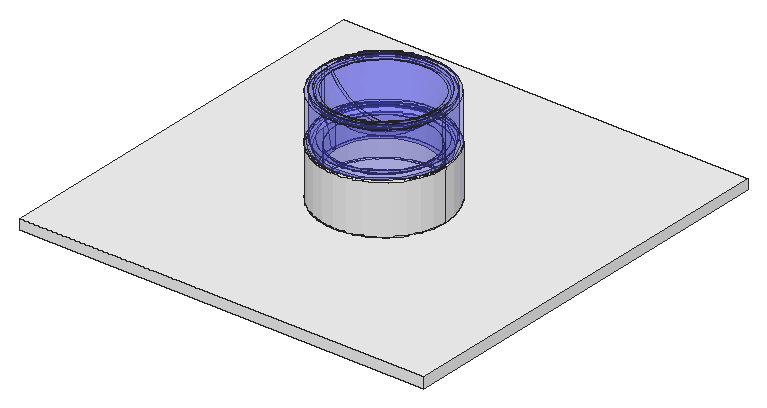
Revit family "BE_23966.1_de_DE", category Leuchten, Revit 2015
Parameters (values of type "BEGA_23966.1_K4")
  built-in parameter 1150104 = 12.758 (stored number, unit not read)
  Wattage = 7.5 W
  Default Elevation = 0 mm
  built-in parameter 1150113 = 1 (stored number, unit not read)
  built-in parameter 1114218 = 1 (stored number, unit not read)
  Umgebungstemperatur = ""
  URL = "http://www.bega.de/produkt/23966.1"
  Typenkommentare = "© 2017 BEGA. Wir behalten uns das Recht vor, technische Änderungen ohne vorherige Ankündigung vorzunehmen."  # constant formula
  built-in parameter 1150134 = 12
  built-in parameter 1150109 = 1 (stored number, unit not read)
  Strom = ""
  built-in parameter 1150110 = 1 (stored number, unit not read)
  Spannung = 239.996 V
  Sonderanfertigung = no
  Seriennummer [instance] = "Hier können Sie die eindeutige Seriennummer für das Facility Management eintragen."
  Schutzklasse = "I"
  Schutzart = "IP 20"
  Scheinlast = 0 VA
  Produktdatenblatt = "http://www.bega.de/download/Xrfa/db/23966.1.db.de.pdf"
  Oberflächentemperatur = ""
  Neigungswinkel = 0.00°
  Modell = "23966.1K4"
  Material_17 = BEGA_Reflektor
  Material_15 = BEGA_Leuchtmedium_matt
  Material_11 = BEGA_Glas_opal
  Material_09 = BEGA_Glas_klar
  Material_06 = BEGA_Oberfläche_Edelstahl_gebürstet
  Material_05 = BEGA_Oberfläche_Aluminium Guss
  Material_03 = BEGA_Oberfläche_Weiss_matt
  Material_02 = BEGA_Oberfläche_Silber_matt
  Material_01 [instance] = BEGA_Oberfläche_Grafit_matt
  M_W = no
  M_G = no
  M_A = no
  Logo = 0
  built-in parameter 1114217 = 1 (stored number, unit not read)
  built-in parameter 1150139 = (empty or 0)
  built-in parameter 1150105 = 81.963 (stored number, unit not read)
  built-in parameter 1150114 = 1 (stored number, unit not read)
  Lumens = 1029.98 lm
  built-in parameter 1150115 = 1 (stored number, unit not read)
  Leuchtenlichtstrom = "581 lm"
  Leuchtenanzahl = ""
  Lebensdauerkriterien = "L70 = 50.000 h"
  Lastklassifizierung = Beleuchtung
  built-in parameter 1150112 = 1 (stored number, unit not read)
  Lampenlichtstrom = "1030 lm"
  Lampe = "LED 7.5 W"
  LED_Modulbezeichnung = "LED-0505/840"
  built-in parameter 1150142 = "IESNA:LM-63-1995\r\n[TEST] \r\n[MANUFAC] GLASHÜTTE LIMBURG\r\n[MORE] Converted by LUMCat V \r\n[MORE] 21.10.2016 / M.S.\r\n[LUMCAT] \r\n[LUMINAIRE] 23966K4\r\n[LAMPCAT] LED  6,2W\r\n[LAMPCAT] LED  6,2W     581 lm,    8 W\r\n[LAMP] LED  6,2W\r\nTILT=NONE\r\n1     581 1.0 73 1 1 2 -0.123 0.000 0.048\r\n1.0 1.0 8\r\n   0.0   2.5   5.0   7.5  10.0  12.5  15.0  17.5  20.0  22.5  25.0  27.5  30.0\r\n  32.5  35.0  37.5  40.0  42.5  45.0  47.5  50.0  52.5  55.0  57.5  60.0  62.5\r\n  65.0  67.5  70.0  72.5  75.0  77.5  80.0  82.5  85.0  87.5  90.0  92.5  95.0\r\n  97.5 100.0 102.5 105.0 107.5 110.0 112.5 115.0 117.5 120.0 122.5 125.0 127.5\r\n 130.0 132.5 135.0 137.5 140.0 142.5 145.0 147.5 150.0 152.5 155.0 157.5 160.0\r\n 162.5 165.0 167.5 170.0 172.5 175.0 177.5 180.0\r\n   0.0\r\n     101.1     101.4     102.1     102.8     103.2     103.5     103.6     103.6\r\n     103.2     102.7     102.0     101.1     100.0      98.6      97.1      95.3\r\n      93.3      91.1      88.7      86.1      83.1      79.7      75.7      71.2\r\n      66.3      61.5      57.2      53.5      50.5      47.9      45.5      43.3\r\n      41.1      38.9      36.7      34.6      33.3      33.1      32.9      32.7\r\n      32.4      32.0      31.5      31.0      30.3      29.7      28.9      28.1\r\n      27.2      26.2      25.1      24.0      22.8      21.6      20.4      19.1\r\n      17.8      16.5      15.2      14.0      12.7      11.5      10.3       9.1\r\n       8.0       6.9       5.7       4.7       3.6       2.5       0.6       0.0\r\n       0.0\r\n"
  Hersteller = "BEGA"  # constant formula
  Halbstreuwinkel = ""
  Gewicht = "0.75 kg"
  Gebrauchslageneinschränkung [instance] = ""
  Frequenz = "0/50-60 Hz"
  Farbwiedergabeindex = "Ra > 80"
  Farbtemperaturverschiebung bei Dämpfen der Lampe = <Keine Auswahl>
  Farbtemperatur = "4000 K"
  Color Filter = 16777215
  built-in parameter 1150133 = 10 (stored number, unit not read)
  Energieeffizienzklasse = "LED A++ - A"
  built-in parameter 1150137 = (empty or 0)
  built-in parameter 1150132 = (empty or 0)
  ENEC = ""
  Dimmbar [instance] = ""
  Datei für fotometrisches Netz = "LI_23966K4.IES"
  CE_Konformität = "ja"
  Bestellnummer = "23966.1K4"
  Beschreibung_Sonderanfertigung = "Hier können Sie Informationen zur Sonderanfertigung eintragen."
  Beschreibung = "Deckenleuchte"
  built-in parameter 1150106 = 0.81963 (stored number, unit not read)
  Befestigungsbohrung = "Ø 4,5 mm"
  Befestigungsabstand = "93 mm"
  Ballwurfsicher = ""
  BEGA_Intern_aus = yes
  BEGA_Intern_an = yes
  BEGA_Intern_Konstruktion = yes
  BEGA_Intern = yes
  BEGA_IES = yes
  BEGA_Dummy = no
  Anschlussleitung = ""
  Anschlussleistung [instance] = "9 W"
  Anschlusskasten = ""
  built-in parameter 1150107 = 4000 (stored number, unit not read)
  built-in parameter 1150102 = (empty or 0)
  built-in parameter 1150138 = (empty or 0)
  Aktualisierung = "2017-05-23T04:08:12"
  Abstand_zur_angestrahlten_Fläche [instance] = ""
  AC/DC = "AC/DC"
Types (2, lengths in mm): name | built-in parameter 1150104 | built-in parameter 1150134 | Modell | built-in parameter 1150105 | Lumens | Leuchtenlichtstrom | Lampenlichtstrom | LED_Modulbezeichnung | built-in parameter 1150142 | Farbtemperatur | Datei für fotometrisches Netz | Bestellnummer | built-in parameter 1150106 | built-in parameter 1150107
  BEGA_23966.1_K3 | 12.387 (stored number, unit not read) | (empty or 0) | "23966.1" | 79.575 (stored number, unit not read) | 999.975 lm | "565 lm" | "1000 lm" | "LED-0505/830" | "IESNA:LM-63-1995\r\n[TEST] \r\n[MANUFAC] GLASHÜTTE LIMBURG\r\n[MORE] Converted by LUMCat V \r\n[MORE] 21.10.2016 / M.S.\r\n[LUMCAT] \r\n[LUMINAIRE] 23966\r\n[LAMPCAT] LED  6,2W\r\n[LAMPCAT] LED  6,2W     565 lm,    8 W\r\n[LAMP] LED  6,2W\r\nTILT=NONE\r\n1     565 1.0 73 1 1 2 -0.123 0.000 0.048\r\n1.0 1.0 8\r\n   0.0   2.5   5.0   7.5  10.0  12.5  15.0  17.5  20.0  22.5  25.0  27.5  30.0\r\n  32.5  35.0  37.5  40.0  42.5  45.0  47.5  50.0  52.5  55.0  57.5  60.0  62.5\r\n  65.0  67.5  70.0  72.5  75.0  77.5  80.0  82.5  85.0  87.5  90.0  92.5  95.0\r\n  97.5 100.0 102.5 105.0 107.5 110.0 112.5 115.0 117.5 120.0 122.5 125.0 127.5\r\n 130.0 132.5 135.0 137.5 140.0 142.5 145.0 147.5 150.0 152.5 155.0 157.5 160.0\r\n 162.5 165.0 167.5 170.0 172.5 175.0 177.5 180.0\r\n   0.0\r\n      98.3      98.6      99.3     100.0     100.4     100.7     100.8     100.7\r\n     100.4      99.9      99.2      98.3      97.2      95.9      94.4      92.7\r\n      90.7      88.6      86.3      83.7      80.8      77.5      73.6      69.2\r\n      64.5      59.8      55.6      52.0      49.1      46.6      44.3      42.1\r\n      40.0      37.8      35.7      33.7      32.3      32.2      32.0      31.8\r\n      31.5      31.1      30.6      30.1      29.5      28.8      28.1      27.3\r\n      26.4      25.5      24.4      23.4      22.2      21.0      19.8      18.6\r\n      17.3      16.1      14.8      13.6      12.3      11.2      10.0       8.9\r\n       7.8       6.7       5.6       4.5       3.5       2.4       0.6       0.0\r\n       0.0\r\n" | "3000 K" | "LI_23966.IES" | "23966.1" | 0.79575 (stored number, unit not read) | 3000 (stored number, unit not read)
  BEGA_23966.1_K4 | 12.758 (stored number, unit not read) | 12 | "23966.1K4" | 81.963 (stored number, unit not read) | 1029.98 lm | "581 lm" | "1030 lm" | "LED-0505/840" | "IESNA:LM-63-1995\r\n[TEST] \r\n[MANUFAC] GLASHÜTTE LIMBURG\r\n[MORE] Converted by LUMCat V \r\n[MORE] 21.10.2016 / M.S.\r\n[LUMCAT] \r\n[LUMINAIRE] 23966K4\r\n[LAMPCAT] LED  6,2W\r\n[LAMPCAT] LED  6,2W     581 lm,    8 W\r\n[LAMP] LED  6,2W\r\nTILT=NONE\r\n1     581 1.0 73 1 1 2 -0.123 0.000 0.048\r\n1.0 1.0 8\r\n   0.0   2.5   5.0   7.5  10.0  12.5  15.0  17.5  20.0  22.5  25.0  27.5  30.0\r\n  32.5  35.0  37.5  40.0  42.5  45.0  47.5  50.0  52.5  55.0  57.5  60.0  62.5\r\n  65.0  67.5  70.0  72.5  75.0  77.5  80.0  82.5  85.0  87.5  90.0  92.5  95.0\r\n  97.5 100.0 102.5 105.0 107.5 110.0 112.5 115.0 117.5 120.0 122.5 125.0 127.5\r\n 130.0 132.5 135.0 137.5 140.0 142.5 145.0 147.5 150.0 152.5 155.0 157.5 160.0\r\n 162.5 165.0 167.5 170.0 172.5 175.0 177.5 180.0\r\n   0.0\r\n     101.1     101.4     102.1     102.8     103.2     103.5     103.6     103.6\r\n     103.2     102.7     102.0     101.1     100.0      98.6      97.1      95.3\r\n      93.3      91.1      88.7      86.1      83.1      79.7      75.7      71.2\r\n      66.3      61.5      57.2      53.5      50.5      47.9      45.5      43.3\r\n      41.1      38.9      36.7      34.6      33.3      33.1      32.9      32.7\r\n      32.4      32.0      31.5      31.0      30.3      29.7      28.9      28.1\r\n      27.2      26.2      25.1      24.0      22.8      21.6      20.4      19.1\r\n      17.8      16.5      15.2      14.0      12.7      11.5      10.3       9.1\r\n       8.0       6.9       5.7       4.7       3.6       2.5       0.6       0.0\r\n       0.0\r\n" | "4000 K" | "LI_23966K4.IES" | "23966.1K4" | 0.81963 (stored number, unit not read) | 4000 (stored number, unit not read)
Reference planes
  plane 1 "Mitte (Vorne/Hinten)": y = 0
  plane 2: z = 0
  plane 3 "Mitte (Links/Rechts)": x = 0
  plane 4 "Links": x = -61.5
  plane 5 "Rechts": x = 61.5
  plane 6 "Unten": y = -61.5
  plane 7 "Oben": y = 61.5
  plane 8 "Vorne": z = 98
  plane 9 "Hinten": z = 0
Forms (mm)
  Extrusion 1, solid, material "BEGA_Platte_Weiss"
    sketch origin (0, -1119.2, 0) x (1, 0, 0) y (0, 1, 0)
      loop
        line (-200, 1319.2) -> (-200, 919.2) -> (200, 919.2) -> (200, 1319.2) -> (-200, 1319.2)
    from 0 to -10
  Extrusion 2, solid, material "BEGA_Dummy_matt", visible <- "BEGA_Dummy"
    sketch origin (77.149, -76.023, 0) x (1, 0, 0) y (0, 1, 0)
      loop
        circle (-77.149, 76.023) r 61.5
    from 0 to 98
Dimensions and locks
  plane 1 "Mitte (Vorne/Hinten)" to Extrusion 1 = 200 mm
  aligned and locked: plane 2 to Extrusion 1
  aligned and locked: level to Extrusion 1
Nested families
  nested 1: "BE_23966.1" at (0, 0, 0), type "BE_23966.1"
Connectors
  electrical at (0, 0, 0), driven by "Lastklassifizierung", driven by "Spannung", driven by "Scheinlast"
    settings: index 1, voltage 239.996 V, apparent load 0 VA, apparent load phase1 0 VA, apparent load phase2 0 VA, apparent load phase3 0 VA, power factor 1, load classification "Beleuchtung", number of poles 1, system type 31, power factor state 1, is connector primary yes, connector utility no, sub classification motor no, connector description ""
Definition of nested family "BE_23966.1"
  Parameters (values of type "BE_23966.1")
    Default Elevation = 1 mm
    URL = "http://www.bega.de/de/produkt"
    Type Comments = "© 2015 BEGA. Wir behalten uns das Recht vor, technische Änderungen ohne vorherige Ankündigung vorzunehmen. "  # constant formula
    Type Image = (empty or 0)
    Neigungswinkel_um_Z2 = 0.00°
    Neigungswinkel_um_Z1 = 0.00°
    Neigungswinkel_um_Y2 = 0.00°
    Neigungswinkel_um_Y1 = 0.00°
    Neigungswinkel_um_X2 = 0.00°
    Neigungswinkel_um_X1 = 0.00°
    Material_17 = none
    Material_15 = none
    Material_11 = none
    Material_09 = none
    Material_06 = none
    Material_05 = none
    Material_03 = none
    Material_02 = none
    Material_01 = none
    M_W = yes
    M_G = yes
    M_A = yes
    Länge_Platte = 200 mm  # constant formula
    Höhe_Platte = -10 mm  # constant formula
    Manufacturer = "BEGA"  # constant formula
    Drehwinkel_um_Z2 = 0.00°
    Drehwinkel_um_Z1 = 0.00°
    Breite_Platte = 200 mm  # constant formula
  Reference planes
    plane 1 "Mitte (Oben/Unten)": y = 0
    plane 2: z = 0
    plane 3 "Mitte (Links/Rechts)": x = 0
    plane 4: z = 98
    plane 5: x = -61.5
    plane 6: x = 61.5
    plane 7: y = 61.5
    plane 8: y = -61.5
  Forms (mm)
    Extrusion 1, solid, detail levels medium
      sketch origin (0, 0, 0) x (1, 0, 0) y (0, 1, 0)
        loop
          line (-100, 100) -> (-100, -100) -> (100, -100) -> (100, 100) -> (-100, 100)
      from 0 to -10 <- "Höhe_Platte"
    Extrusion 2, void
      sketch origin (0, 0, 0) x (1, 0, 0) y (0, 1, 0)
        loop
          circle (-46.5, 0) r 2.25
        loop
          circle (46.5, 0) r 2.25
        loop
          circle (33.845, 26.448) r 8.5
        loop
          circle (19.328, 38.606) r 8.5
      from 0 to 10
    Revolve 3, solid, material <- "Material_03", detail levels medium+fine
      sketch origin (0, 0, 0) x (1, 0, 0) y (0, 0, 1)
        loop
          arc (-59.45, 49.647) -> (-60.757, 49.91) -> (-61.5, 48.803) r 1.2
          line (-61.5, 48.803) -> (-61.5, 0.5)
          arc (-61.5, 0.5) -> (-61.352, 0.145) -> (-60.997, 0) r 0.5
          line (-60.997, 0) -> (-57.048, 0)
          arc (-57.048, 0) -> (-54.677, 0.778) -> (-53.229, 2.811) r 4
          arc (-53.229, 2.811) -> (-52.825, 3.304) -> (-52.234, 3.5) r 1
          line (-52.234, 3.5) -> (0, 3.5) -> (0, 6.5) -> (-52.231, 6.5)
          arc (-52.231, 6.5) -> (-54.383, 5.872) -> (-55.859, 4.185) r 4
          line (-55.859, 4.185) -> (-56.411, 3) -> (-60.5, 3) -> (-60.5, 49.283) -> (-56.623, 45.406) -> (-55.916, 46.113) -> (-59.45, 49.647)
        axis (0, 0) -> (0, 49.647)
      angle from 0 to 360
    Revolve 4, solid, material <- "Material_11", detail levels medium+fine
      sketch origin (0, 0, 0) x (1, 0, 0) y (0, 0, 1)
        loop
          line (-61.5, 50.281) -> (-56.145, 50) -> (-51.5, 26.5) -> (-47, 26.5) -> (-47, 47.832)
          arc (-47, 47.832) -> (-48.648, 51.963) -> (-52.686, 53.824) r 6
          line (-52.686, 53.824) -> (-57.55, 54.079)
          arc (-57.55, 54.079) -> (-58.225, 54.389) -> (-58.5, 55.078) r 1
          line (-58.5, 55.078) -> (-58.5, 94.5)
          arc (-58.5, 94.5) -> (-58.354, 94.854) -> (-58, 95) r 0.5
          line (-58, 95) -> (-54.427, 95)
          arc (-54.427, 95) -> (-53.437, 94.738) -> (-52.706, 94.02) r 2
          arc (-52.706, 94.02) -> (-30.328, 72.031) -> (0, 64) r 61.278
          line (0, 64) -> (0, 67)
          arc (0, 67) -> (-28.73, 74.574) -> (-49.993, 95.327) r 58.278
          arc (-49.993, 95.327) -> (-51.999, 97.285) -> (-54.711, 98) r 5.5
          line (-54.711, 98) -> (-58.5, 98)
          arc (-58.5, 98) -> (-60.621, 97.121) -> (-61.5, 95) r 3
          line (-61.5, 95) -> (-61.5, 50.281)
        axis (0, 26.5) -> (0, 98)
      angle from 0 to 360
  Cuts and joins
    Extrusion 2 cuts Revolve 3
  Dimensions and locks
    equal spacing: Extrusion 1 sketch curve, plane 3 "Mitte (Links/Rechts)", Extrusion 1 sketch curve
    equal spacing: Extrusion 1 sketch curve, plane 1 "Mitte (Oben/Unten)", Extrusion 1 sketch curve
    "Länge_Platte": Extrusion 1 sketch curve to Extrusion 1 sketch curve
    "Breite_Platte": Extrusion 1 sketch curve to Extrusion 1 sketch curve
    aligned and locked: Extrusion 1 to plane 2
    aligned and locked: level to Extrusion 1
  Automatic sketch dimensions
    Revolve 3 sketch curve to Revolve 3 sketch curve = 0 mm  (x3)
    Revolve 3 sketch curve to plane 3 "Mitte (Links/Rechts)" = 0 mm  (x2)
    level to Revolve 3 sketch curve = 2.5 mm
    Revolve 3 sketch curve to plane 3 "Mitte (Links/Rechts)" = 52.231 mm
    Revolve 3 sketch curve to Revolve 3 sketch curve = 0.003 mm  (x3)
    level to Revolve 3 sketch curve = 4.185 mm
    Revolve 3 sketch curve to Revolve 3 sketch curve = 3.624 mm
    Revolve 3 sketch curve to Revolve 3 sketch curve = 3.685 mm
    Revolve 3 sketch curve to Revolve 3 sketch curve = 0.552 mm
    Revolve 3 sketch curve to Revolve 3 sketch curve = 0.707 mm  (x2)
    Revolve 3 sketch curve to Revolve 3 sketch curve = 0.637 mm
    Revolve 3 sketch curve to Revolve 3 sketch curve = 3.534 mm
    Revolve 3 sketch curve to Revolve 3 sketch curve = 0.85 mm
    Revolve 3 sketch curve to Revolve 3 sketch curve = 0.2 mm
    level to Revolve 3 sketch curve = 0 mm
    Revolve 3 sketch curve to Revolve 3 sketch curve = 0.497 mm
    level to Revolve 3 sketch curve = 0.5 mm
    Revolve 3 sketch curve to Revolve 3 sketch curve = 2.5 mm
    level to Revolve 3 sketch curve = 3.5 mm
    Revolve 3 sketch curve to Revolve 3 sketch curve = 1 mm
    Revolve 3 sketch curve to Revolve 3 sketch curve = 3 mm
    Revolve 3 sketch curve to Revolve 3 sketch curve = 38.906 mm
    Revolve 3 sketch curve to Revolve 3 sketch curve = 3.394 mm
    Revolve 3 sketch curve to Revolve 3 sketch curve = 0.483 mm
    Revolve 3 sketch curve to Revolve 3 sketch curve = 0.955 mm
    Revolve 3 sketch curve to Revolve 3 sketch curve = 0.043 mm
    Revolve 3 sketch curve to level = 0.83 mm
    Revolve 3 sketch curve to Revolve 3 sketch curve = 1.261 mm
    Revolve 4 sketch curve to plane 4 = 0 mm
    Revolve 4 sketch curve to plane 3 "Mitte (Links/Rechts)" = 0 mm  (x3)
    Revolve 4 sketch curve to Revolve 4 sketch curve = 0.284 mm
    Revolve 4 sketch curve to Revolve 4 sketch curve = 3.145 mm
    Revolve 4 sketch curve to Revolve 4 sketch curve = 1.355 mm
    Revolve 4 sketch curve to Revolve 4 sketch curve = 0.05 mm
    Revolve 4 sketch curve to Revolve 4 sketch curve = 3.573 mm
    Revolve 4 sketch curve to Revolve 4 sketch curve = 1 mm
    Revolve 4 sketch curve to Revolve 4 sketch curve = 0.5 mm  (x2)
    Revolve 4 sketch curve to Revolve 4 sketch curve = 5.355 mm
    plane 3 "Mitte (Links/Rechts)" to Revolve 4 sketch curve = 0 mm
    plane 4 to Revolve 4 sketch curve = 3 mm  (x2)
    Revolve 4 sketch curve to Revolve 4 sketch curve = 0 mm  (x14)
    Revolve 4 sketch curve to Revolve 4 sketch curve = 2 mm
    plane 4 to Revolve 4 sketch curve = 31 mm
    Revolve 4 sketch curve to Revolve 4 sketch curve = 3 mm
    Revolve 4 sketch curve to Revolve 4 sketch curve = 37.422 mm
    Revolve 4 sketch curve to Revolve 4 sketch curve = 3.798 mm
    Revolve 4 sketch curve to Revolve 4 sketch curve = 4.079 mm
    Revolve 4 sketch curve to Revolve 4 sketch curve = 2.168 mm
    Revolve 4 sketch curve to Revolve 4 sketch curve = 21.332 mm
    Revolve 4 sketch curve to plane 4 = 27.278 mm
    Revolve 4 sketch curve to Revolve 4 sketch curve = 1.72 mm
    plane 4 to Revolve 4 sketch curve = 0 mm
    Revolve 4 sketch curve to Revolve 4 sketch curve = 4.999 mm
    Revolve 4 sketch curve to Revolve 4 sketch curve = 5.221 mm
    plane 1 "Mitte (Oben/Unten)" to Extrusion 2 sketch curve = 0 mm  (x2)
    plane 3 "Mitte (Links/Rechts)" to Extrusion 2 sketch curve = 19.328 mm
    Extrusion 2 sketch curve to plane 5 = 15 mm
    plane 5 to Revolve 4 sketch curve = 0 mm
    Revolve 4 sketch curve to plane 5 = 10 mm
    Revolve 4 sketch curve to Revolve 4 sketch curve = 4.5 mm
    Revolve 4 sketch curve to Revolve 4 sketch curve = 4.864 mm
    plane 4 to Revolve 4 sketch curve = 2.673 mm
    Extrusion 2 sketch curve to Extrusion 2 sketch curve = 14.517 mm
    Extrusion 2 sketch curve to Extrusion 2 sketch curve = 12.655 mm
    Extrusion 2 sketch curve to plane 1 "Mitte (Oben/Unten)" = 26.448 mm
    Extrusion 2 sketch curve to Extrusion 2 sketch curve = 12.158 mm
    radius of Extrusion 2 sketch curve = 2.25 mm  (x2)
    radius of Extrusion 2 sketch curve = 8.5 mm  (x2)
